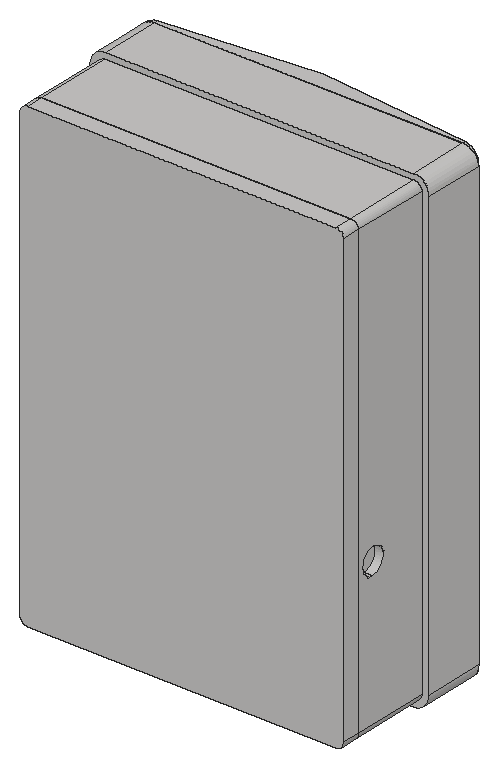
Revit family
Parameters
  Warranty Duration (Years) = 0
  Voltage_MEP = 120 V
  Unit Width = 0' - 11"
  Unit Height = 1' - 3 1/2"
  Unit Depth = 0' - 5 23/32"
  URL = "http://www.americanspecialties.com/viewCategory.cfm?categoryID=19"
  Specification = "http://www.arcat.com/sdspecs/htm/10811asi.htm"
  SpecWizard = ""
  Sound Pressure = "69.1 dB-A"
  Send Message = "http://www.arcat.com/users.pl?action=UserEmail&company=American%20Specialties,%20Inc.&coid=30448&rep=139&fax=914-476-0688&mf="
  Sales Information = "http://www.americanspecialties.com/contact"
  Revision = "R1_08-2010"
  Product Properties = "http://www.arcat.com/bim/bim_info.pl?fn=AmericanSpecialties"
  Product Data = "http://www.arcat.com/arcatcos/cos30/arc30448.html"
  Motor RPM = 29000
  Motor HP = 0.67
  Model = "As Specified in 10 28 00"
  Manufacturer Website = "http://www.americanspecialties.com"
  Manufacturer Phone - Toll Free = ""
  Manufacturer Phone = "914-476-9000 "
  Manufacturer Fax = "914-476-0688"
  Manufacturer Address = "441 Saw Mill River Rd., Yonkers, NY 10701"
  Manufacturer = "American Specialties, Inc."
  Maintenance Schedule (Months) = 0
  MEP Apparent Power = Voltage_MEP * MEP Amperage  # 999.6 VA
  MEP Amperage = 8.33 A
  Keynote = "10 28 00"
  Installation-Fabrication = "http://www.americanspecialties.com/products.cfm"
  Installation Phase = ""
  Green Building-LEED = "http://www.arcat.com/green/clients/leed_data_30448.html"
  Expected Lifespan (Years) = 0
  Dry Time = "As Specified in Section 10 28 00"
  Drawn By = "Robert S. Weygant, CSI, CDT, SCIP"
  Description = "Roval Recessed Hand Dryer as Specified in 10 28 00"
  Cover Material [instance] = ASI - Stainless Steel - 93 Satin
  Copyright = "2010 ARCAT, Inc."
  Construction Details = "http://www.americanspecialties.com/products.cfm"
  Building Code Conformance = "ADA"
  Available LEED Credit = "EA 1; MR 1.1, 1.2, 1.3, 4.1, 4.2, 7.1, 7.2"
  Assembly Code = "C1030210"
  Air Temperature = "131 F"
Reference planes (in)
  plane 1: y = 0
  plane 2 "Center (Left/Right)": x = 0
  plane 3 "Wall Edge": y = 3
  plane 4 "Projection": y = 5.5625
  plane 5 "ADA Mount Line": z = 30.17123
  plane 6: x = -5.5
  plane 7: x = 5.5
Forms (in)
  Extrusion 1, void
    sketch origin (0, 3, 0) x (1, 0, 0) y (0, 0, 1)
      loop
        line (5.25, 45.48373) -> (-5.25, 45.48373) -> (-5.25, 30.35873) -> (5.25, 30.35873) -> (5.25, 45.48373)
    from 0 to 3.15625
Text (in)
  text "Placement Side" at (0, 40.15149, 123.01588), in view "Right"
  text "Placement Side" at (-70.3804, 28.46503, 0), in view "Ref. Level"
  text "Placement Side" at (0, 81.62555, 140.59947), in view "Left"
Dimensions and locks (in)
  locked: plane 3 "Wall Edge" to host wall
  locked: plane 3 "Wall Edge" to plane 4 "Projection" at 2.5625
  aligned and locked: plane 3 "Wall Edge" to nested 1
  aligned and locked: plane 5 "ADA Mount Line" to nested 1
  aligned and locked: plane 6 to nested 1
  aligned and locked: plane 7 to nested 1
Nested families (in)
  nested 1: "Family1" at (0, 3, 37.92123) x (-1, 0, 0) z (0, 1, 0), type "Family1"
Connectors (in)
  electrical at (0, 3, 37.92123), driven by "Voltage_MEP", driven by "MEP Apparent Power"
    settings: on host wall, index 1
Definition of nested family "Family1"
  Parameters
    Default Elevation = 4' - 0"
    Cover Material = none
  Reference planes (in)
    plane 1 "Center (Front/Back)": y = 0
    plane 2: z = 0
    plane 3 "Center (Left/Right)": x = 0
  Forms (in)
    Extrusion 1, solid, material <- "Cover Material"
      sketch origin (0, 0, 0) x (1, 0, 0) y (0, 0, 1)
        loop
          line (-5.5, 2) -> (5.5, 2)
          arc (5.5, 2) -> (0, 2.5625) -> (-5.5, 2) r 27.17014
      from -7.75 to 7.75
    Extrusion 2, void
      sketch origin (0, 0, 0) x (1, 0, 0) y (0, 1, 0)
        loop
          arc (-5.5, 7.25) -> (-5.35355, 7.60355) -> (-5, 7.75) r 0.5
          line (-5, 7.75) -> (-5.5, 7.75) -> (-5.5, 7.25)
        loop
          arc (5, 7.75) -> (5.35355, 7.60355) -> (5.5, 7.25) r 0.5
          line (5.5, 7.25) -> (5.5, 7.75) -> (5, 7.75)
        loop
          arc (5.5, -7.25) -> (5.35355, -7.60355) -> (5, -7.75) r 0.5
          line (5, -7.75) -> (5.5, -7.75) -> (5.5, -7.25)
        loop
          arc (-5, -7.75) -> (-5.35355, -7.60355) -> (-5.5, -7.25) r 0.5
          line (-5.5, -7.25) -> (-5.5, -7.75) -> (-5, -7.75)
      from 0 to 2.93791
    Extrusion 3, solid, material <- "Cover Material"
      sketch origin (0, 0, 0) x (1, 0, 0) y (0, 1, 0)
        loop
          arc (-5, 7.5625) -> (-5.17678, 7.48928) -> (-5.25, 7.3125) r 0.25
          line (-5.25, 7.3125) -> (-5.25, -7.3125)
          arc (-5.25, -7.3125) -> (-5.17678, -7.48928) -> (-5, -7.5625) r 0.25
          line (-5, -7.5625) -> (5, -7.5625)
          arc (5, -7.5625) -> (5.17678, -7.48928) -> (5.25, -7.3125) r 0.25
          line (5.25, -7.3125) -> (5.25, 7.3125)
          arc (5.25, 7.3125) -> (5.17678, 7.48928) -> (5, 7.5625) r 0.25
          line (5, 7.5625) -> (-5, 7.5625)
        loop
          line (3.9375, 0.88952) -> (-3.9375, 0.88952) -> (-3.9375, -6.11048) -> (3.9375, -6.11048) -> (3.9375, 0.88952)
      from -2.56932 to 0
    Extrusion 4, void
      sketch origin (0, 0, 0) x (1, 0, 0) y (0, 0, 1)
        loop
          circle (-2.5, -1.96875) r 0.4375
        loop
          circle (2.5, -1.96875) r 0.4375
      from 7.20515 to 8.12945
    Extrusion 5, void
      sketch origin (0, 0, 0) x (0, 1, 0) y (0, 0, 1)
        loop
          circle (-2.5625, -1.96875) r 0.4375
      from 4.97052 to 5.5
    Extrusion 6, void
      sketch origin (0, 0, 0) x (0, 1, 0) y (0, 0, 1)
        loop
          circle (-2.5625, -1.96875) r 0.4375
      from -5.5 to -4.93729
    Extrusion 7, void
      sketch origin (0, 0, 0) x (1, 0, 0) y (0, 1, 0)
        loop
          arc (-3.4375, 0.88952) -> (-3.79105, 0.74308) -> (-3.9375, 0.38952) r 0.5
          line (-3.9375, 0.38952) -> (-3.9375, -5.61048)
          arc (-3.9375, -5.61048) -> (-3.79105, -5.96403) -> (-3.4375, -6.11048) r 0.5
          line (-3.4375, -6.11048) -> (3.4375, -6.11048)
          arc (3.4375, -6.11048) -> (3.79105, -5.96403) -> (3.9375, -5.61048) r 0.5
          line (3.9375, -5.61048) -> (3.9375, 0.38952)
          arc (3.9375, 0.38952) -> (3.79105, 0.74308) -> (3.4375, 0.88952) r 0.5
          line (3.4375, 0.88952) -> (-3.4375, 0.88952)
      from 2 to 3.33366
    Extrusion 8, solid, material <- "Cover Material"
      sketch origin (0, 0, 0) x (1, 0, 0) y (0, 1, 0)
        loop
          line (5, 7.75) -> (-5, 7.75)
          arc (-5, 7.75) -> (-5.35355, 7.60355) -> (-5.5, 7.25) r 0.5
          line (-5.5, 7.25) -> (-5.5, -7.25)
          arc (-5.5, -7.25) -> (-5.35355, -7.60355) -> (-5, -7.75) r 0.5
          line (-5, -7.75) -> (5, -7.75)
          arc (5, -7.75) -> (5.35355, -7.60355) -> (5.5, -7.25) r 0.5
          line (5.5, -7.25) -> (5.5, 7.25)
          arc (5.5, 7.25) -> (5.35355, 7.60355) -> (5, 7.75) r 0.5
        loop
          line (-3.9375, 0.88952) -> (-3.9375, -6.11048) -> (3.9375, -6.11048) -> (3.9375, 0.88952) -> (-3.9375, 0.88952)
      from 0 to 2
    Extrusion 9, solid, material <- "Cover Material"
      sketch origin (0, 0, 0) x (1, 0, 0) y (0, 1, 0)
        loop
          line (5, 7.5625) -> (-5, 7.5625)
          arc (-5, 7.5625) -> (-5.17678, 7.48928) -> (-5.25, 7.3125) r 0.25
          line (-5.25, 7.3125) -> (-5.25, -7.3125)
          arc (-5.25, -7.3125) -> (-5.17678, -7.48928) -> (-5, -7.5625) r 0.25
          line (-5, -7.5625) -> (5, -7.5625)
          arc (5, -7.5625) -> (5.17678, -7.48928) -> (5.25, -7.3125) r 0.25
          line (5.25, -7.3125) -> (5.25, 7.3125)
          arc (5.25, 7.3125) -> (5.17678, 7.48928) -> (5, 7.5625) r 0.25
      from -2.56932 to -3.15625
  Cuts and joins
    Extrusion 2, Extrusion 7 cuts Extrusion 1
    Extrusion 4, Extrusion 5, Extrusion 6, Extrusion 7 cuts Extrusion 3
